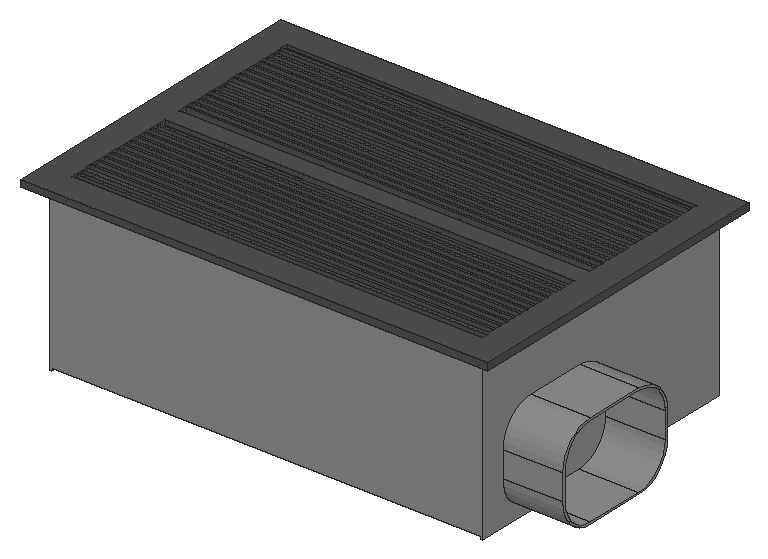
Revit family "Reece_Accessory_Kado_Lux_2 in 1 Heater and Exhaust Fan", category Mechanical Equipment, host Face, Revit 2018
Family settings
  Host = Face
  Round Connector Dimension = Use Diameter
  Classification = None
  Part Type = Normal
  Cut with Voids When Loaded = No
  Shared = Yes
  Room Calculation Point = Yes
Parameters (values of type "540 mm x 198 mm_Matte Black")
  URL = "https://www.reece.com.au/product/-2053941"
  Type Comments = "Accessory"
  Reece_Product_Web Page = "https://www.reece.com.au/product/-2053941"
  Reece_Product_Type = "Accessory"  # constant formula
  Reece_Product_Sub Brand = "Lux"  # constant formula
  Reece_Product_Number = "2053941"
  Reece_Product_Mount = "Ceiling Mounted"
  Reece_Product_Description = "Kado Lux 2 in 1 Fan Heater & Exhaust Matte Black"
  Reece_Product_Brand = "Kado"  # constant formula
  Reece_Overall_Width = 540 mm  # constant formula
  Reece_Overall_Length = 376 mm  # constant formula
  Reece_Overall_Height = 198 mm  # constant formula
  Reece_Mechanical_Max Airflow = 380 m³/h  # constant formula
  Reece_Mechanical_Duct_Diameter = 150 mm  # constant formula
  Reece_Material_Secondary = Reece_Metal_Galvanised
  Reece_Material-Main = Reece_Plastic_Black
  Reece_Installation_Minimum Depth = 192 mm  # constant formula
  Reece_Equipment_Weight = 7.20 kg  # constant formula
  Reece_Electrical_Voltage_Min = 220 V  # constant formula
  Reece_Electrical_Voltage_Max = 240 V  # constant formula
  Reece_Electrical_Voltage = 240 V  # constant formula
  Reece_Electrical_IP Rating = "IPX2"  # constant formula
  Reece_Electrical_Heat_Wattage_Min = 1100 W  # constant formula
  Reece_Electrical_Heat_Wattage_Max = 2000 W  # constant formula
  Reece_Electrical_Heat_Wattage = 2000 W  # constant formula
  Reece_Electrical_Heat_Fan Power_Wattage = 40 W  # constant formula
  Reece_Electrical_Frequency = 50 Hz  # constant formula
  Reece_Electrical_Fan Power_Wattage = 55 W  # constant formula
  Reece_Detail_Note = "Electrical input required. Refer to web page for further details."  # constant formula
  Reece_Detail_Installation = "2 in 1 Heater and Exhaust Fan"  # constant formula
  Reece_Detail_Disclaimer = "THIS FILE IS THE PROPERTY OF THE REECE GROUP. IT MAY NOT BE REPRODUCED, REVERSE-ENGINEERED OR MODIFIED. ANY REPUBLICATION, TRANSMISSION OR DISTRIBUTION FOR THE PURPOSE OF COMMERCIALLY EXPLOITING THE FILES IS PROHIBITED."  # constant formula
  Reece_Detail_Connector = "Hardwired"  # constant formula
  Reece_Ceiling_Cutout_Width = 528 mm  # constant formula
  Reece_Ceiling_Cutout_Length = 345 mm  # constant formula
  Model = "Lux"
  Manufacturer = "Kado"
  Keynote = "Product #2053941, Reece_Accessory_Kado_Lux_2 in 1 Heater and Exhaust Fan - 540 mm x 198 mm_Matte Black"
  Disclaimer = "THIS FILE IS THE PROPERTY OF THE REECE GROUP. IT MAY NOT BE REPRODUCED, REVERSE-ENGINEERED OR MODIFIED. ANY REPUBLICATION, TRANSMISSION OR DISTRIBUTION FOR THE PURPOSE OF COMMERCIALLY EXPLOITING THE FILES IS PROHIBITED."  # constant formula
  Description = "Kado Lux 2 in 1 Fan Heater & Exhaust Matte Black"
  Default Elevation = 0 mm
Types (3, lengths in mm): name | URL | Reece_Product_Web Page | Reece_Product_Number | Reece_Product_Description | Reece_Material-Main | Keynote | Description
  (no name) | "https://www.reece.com.au/product/-2053941" | "https://www.reece.com.au/product/-2053941" | "2053941" | "Kado Lux 2 in 1 Fan Heater & Exhaust Matte Black" | Reece_Plastic_Black | "Product #2053941, Reece_Accessory_Kado_Lux_2 in 1 Heater and Exhaust Fan -  " | "Kado Lux 2 in 1 Fan Heater & Exhaust Matte Black"
  540 mm x 198 mm_Matte Black | "https://www.reece.com.au/product/-2053941" | "https://www.reece.com.au/product/-2053941" | "2053941" | "Kado Lux 2 in 1 Fan Heater & Exhaust Matte Black" | Reece_Plastic_Black | "Product #2053941, Reece_Accessory_Kado_Lux_2 in 1 Heater and Exhaust Fan - 540 mm x 198 mm_Matte Black" | "Kado Lux 2 in 1 Fan Heater & Exhaust Matte Black"
  540 mm x 198 mm_Matte White | "https://www.reece.com.au/product/-2053940" | "https://www.reece.com.au/product/-2053940" | "2053940" | "Kado Lux 2 in 1 Fan Heater & Exhaust White" | Reece_Plastic_White | "Product #2053940, Reece_Accessory_Kado_Lux_2 in 1 Heater and Exhaust Fan - 540 mm x 198 mm_Matte White" | "Kado Lux 2 in 1 Fan Heater & Exhaust White"
Reference planes
  plane 1 "Center (Front/Back)": y = -71.125
  plane 2 "Ceiling": z = 0
  plane 3 "Center (Left/Right)": x = -5
  plane 4: y = 116.875
  plane 5: x = 265
  plane 6: x = -275
  plane 7: y = -259.125
  plane 8: y = 76.375
  plane 9: z = 8
  plane 10: z = -192
  plane 11: z = -190
  plane 12: y = 101.375
  plane 13: y = -243.625
  plane 14: x = -269
  plane 15: x = 259
Forms (mm)
  Sweep 1, solid, material "Reece_Plastic_Black" <- "Reece_Material-Main"
    path origin (0, 0, 8) x (1, 0, 0) y (0, 1, 0)
      loop
        line (-275, 116.875) -> (-275, -259.125) -> (265, -259.125) -> (265, 116.875) -> (-275, 116.875)
    profile origin (-275, -71.125, 8) x (1, 0, 0) y (0, 0, 1)
      loop
        line (0, -8) -> (3, -8) -> (3, -3) -> (33, -3) -> (33, 0) -> (0, 0) -> (0, -8)
  Extrusion 2, void
    sketch origin (0, 0, 0) x (1, 0, 0) y (0, 1, 0)
      loop
        line (-269, 101.375) -> (-269, -243.625) -> (259, -243.625) -> (259, 101.375) -> (-269, 101.375)
    from 0 to -200
  Extrusion 3, solid, material "Reece_Plastic_Black" <- "Reece_Material-Main"
    sketch origin (-5, 0.442, 8) x (0, 1, 0) y (0, 0, 1)
      loop
        line (-71.567, 0) -> (-92.567, 0) -> (-92.567, -8) -> (-71.567, -8) -> (-71.567, 0)
    from 237 to -237
  Extrusion 4, solid, material "Reece_Plastic_Black" <- "Reece_Material-Main"
    sketch origin (-5, -29.567, 8) x (0, 1, 0) y (0, 0, 1)
      loop
        line (-71.125, 0) -> (-73.625, 0) -> (-73.625, -8) -> (-71.125, -8) -> (-71.125, 0)
    from 237 to -237
  Extrusion 5, solid, material "Reece_Plastic_Black" <- "Reece_Material-Main"
    sketch origin (-5, -144.928, 8) x (0, 1, 0) y (0, 0, 1)
      loop
        line (-71.125, 0) -> (-73.625, 0) -> (-73.625, -8) -> (-71.125, -8) -> (-71.125, 0)
    from 237 to -237
  Extrusion 6, solid, material "Reece_Plastic_Black" <- "Reece_Material-Main"
    sketch origin (-5, -39.18, 8) x (0, 1, 0) y (0, 0, 1)
      loop
        line (-71.125, 0) -> (-73.625, 0) -> (-73.625, -8) -> (-71.125, -8) -> (-71.125, 0)
    from 237 to -237
  Extrusion 7, solid, material "Reece_Plastic_Black" <- "Reece_Material-Main"
    sketch origin (-5, -48.794, 8) x (0, 1, 0) y (0, 0, 1)
      loop
        line (-71.125, 0) -> (-73.625, 0) -> (-73.625, -8) -> (-71.125, -8) -> (-71.125, 0)
    from 237 to -237
  Extrusion 8, solid, material "Reece_Plastic_Black" <- "Reece_Material-Main"
    sketch origin (-5, -58.407, 8) x (0, 1, 0) y (0, 0, 1)
      loop
        line (-71.125, 0) -> (-73.625, 0) -> (-73.625, -8) -> (-71.125, -8) -> (-71.125, 0)
    from 237 to -237
  Extrusion 9, solid, material "Reece_Plastic_Black" <- "Reece_Material-Main"
    sketch origin (-5, -68.021, 8) x (0, 1, 0) y (0, 0, 1)
      loop
        line (-71.125, 0) -> (-73.625, 0) -> (-73.625, -8) -> (-71.125, -8) -> (-71.125, 0)
    from 237 to -237
  Extrusion 10, solid, material "Reece_Plastic_Black" <- "Reece_Material-Main"
    sketch origin (-5, -77.634, 8) x (0, 1, 0) y (0, 0, 1)
      loop
        line (-71.125, 0) -> (-73.625, 0) -> (-73.625, -8) -> (-71.125, -8) -> (-71.125, 0)
    from 237 to -237
  Extrusion 11, solid, material "Reece_Plastic_Black" <- "Reece_Material-Main"
    sketch origin (-5, -87.247, 8) x (0, 1, 0) y (0, 0, 1)
      loop
        line (-71.125, 0) -> (-73.625, 0) -> (-73.625, -8) -> (-71.125, -8) -> (-71.125, 0)
    from 237 to -237
  Extrusion 12, solid, material "Reece_Plastic_Black" <- "Reece_Material-Main"
    sketch origin (-5, -96.861, 8) x (0, 1, 0) y (0, 0, 1)
      loop
        line (-71.125, 0) -> (-73.625, 0) -> (-73.625, -8) -> (-71.125, -8) -> (-71.125, 0)
    from 237 to -237
  Extrusion 13, solid, material "Reece_Plastic_Black" <- "Reece_Material-Main"
    sketch origin (-5, -106.474, 8) x (0, 1, 0) y (0, 0, 1)
      loop
        line (-71.125, 0) -> (-73.625, 0) -> (-73.625, -8) -> (-71.125, -8) -> (-71.125, 0)
    from 237 to -237
  Extrusion 14, solid, material "Reece_Plastic_Black" <- "Reece_Material-Main"
    sketch origin (-5, -116.088, 8) x (0, 1, 0) y (0, 0, 1)
      loop
        line (-71.125, 0) -> (-73.625, 0) -> (-73.625, -8) -> (-71.125, -8) -> (-71.125, 0)
    from 237 to -237
  Extrusion 15, solid, material "Reece_Plastic_Black" <- "Reece_Material-Main"
    sketch origin (-5, -125.701, 8) x (0, 1, 0) y (0, 0, 1)
      loop
        line (-71.125, 0) -> (-73.625, 0) -> (-73.625, -8) -> (-71.125, -8) -> (-71.125, 0)
    from 237 to -237
  Extrusion 16, solid, material "Reece_Plastic_Black" <- "Reece_Material-Main"
    sketch origin (-5, -135.315, 8) x (0, 1, 0) y (0, 0, 1)
      loop
        line (-71.125, 0) -> (-73.625, 0) -> (-73.625, -8) -> (-71.125, -8) -> (-71.125, 0)
    from 237 to -237
  Extrusion 17, solid, material "Reece_Plastic_Black" <- "Reece_Material-Main"
    sketch origin (-7, 11.563, 8) x (0, 1, 0) y (0, 0, 1)
      loop
        line (-71.125, 0) -> (-73.625, 0) -> (-73.625, -8) -> (-71.125, -8) -> (-71.125, 0)
    from 239 to -235
  Extrusion 18, solid, material "Reece_Plastic_Black" <- "Reece_Material-Main"
    sketch origin (-7, 147.5, 8) x (0, 1, 0) y (0, 0, 1)
      loop
        line (-71.125, 0) -> (-73.625, 0) -> (-73.625, -8) -> (-71.125, -8) -> (-71.125, 0)
    from 239 to -235
  Extrusion 19, solid, material "Reece_Plastic_Black" <- "Reece_Material-Main"
    sketch origin (-7, 21.272, 8) x (0, 1, 0) y (0, 0, 1)
      loop
        line (-71.125, 0) -> (-73.625, 0) -> (-73.625, -8) -> (-71.125, -8) -> (-71.125, 0)
    from 239 to -235
  Extrusion 20, solid, material "Reece_Plastic_Black" <- "Reece_Material-Main"
    sketch origin (-7, 30.982, 8) x (0, 1, 0) y (0, 0, 1)
      loop
        line (-71.125, 0) -> (-73.625, 0) -> (-73.625, -8) -> (-71.125, -8) -> (-71.125, 0)
    from 239 to -235
  Extrusion 21, solid, material "Reece_Plastic_Black" <- "Reece_Material-Main"
    sketch origin (-7, 40.692, 8) x (0, 1, 0) y (0, 0, 1)
      loop
        line (-71.125, 0) -> (-73.625, 0) -> (-73.625, -8) -> (-71.125, -8) -> (-71.125, 0)
    from 239 to -235
  Extrusion 22, solid, material "Reece_Plastic_Black" <- "Reece_Material-Main"
    sketch origin (-7, 50.402, 8) x (0, 1, 0) y (0, 0, 1)
      loop
        line (-71.125, 0) -> (-73.625, 0) -> (-73.625, -8) -> (-71.125, -8) -> (-71.125, 0)
    from 239 to -235
  Extrusion 23, solid, material "Reece_Plastic_Black" <- "Reece_Material-Main"
    sketch origin (-7, 60.112, 8) x (0, 1, 0) y (0, 0, 1)
      loop
        line (-71.125, 0) -> (-73.625, 0) -> (-73.625, -8) -> (-71.125, -8) -> (-71.125, 0)
    from 239 to -235
  Extrusion 24, solid, material "Reece_Plastic_Black" <- "Reece_Material-Main"
    sketch origin (-7, 69.821, 8) x (0, 1, 0) y (0, 0, 1)
      loop
        line (-71.125, 0) -> (-73.625, 0) -> (-73.625, -8) -> (-71.125, -8) -> (-71.125, 0)
    from 239 to -235
  Extrusion 25, solid, material "Reece_Plastic_Black" <- "Reece_Material-Main"
    sketch origin (-7, 79.531, 8) x (0, 1, 0) y (0, 0, 1)
      loop
        line (-71.125, 0) -> (-73.625, 0) -> (-73.625, -8) -> (-71.125, -8) -> (-71.125, 0)
    from 239 to -235
  Extrusion 26, solid, material "Reece_Plastic_Black" <- "Reece_Material-Main"
    sketch origin (-7, 89.241, 8) x (0, 1, 0) y (0, 0, 1)
      loop
        line (-71.125, 0) -> (-73.625, 0) -> (-73.625, -8) -> (-71.125, -8) -> (-71.125, 0)
    from 239 to -235
  Extrusion 27, solid, material "Reece_Plastic_Black" <- "Reece_Material-Main"
    sketch origin (-7, 98.951, 8) x (0, 1, 0) y (0, 0, 1)
      loop
        line (-71.125, 0) -> (-73.625, 0) -> (-73.625, -8) -> (-71.125, -8) -> (-71.125, 0)
    from 239 to -235
  Extrusion 28, solid, material "Reece_Plastic_Black" <- "Reece_Material-Main"
    sketch origin (-7, 108.661, 8) x (0, 1, 0) y (0, 0, 1)
      loop
        line (-71.125, 0) -> (-73.625, 0) -> (-73.625, -8) -> (-71.125, -8) -> (-71.125, 0)
    from 239 to -235
  Extrusion 29, solid, material "Reece_Plastic_Black" <- "Reece_Material-Main"
    sketch origin (-7, 118.371, 8) x (0, 1, 0) y (0, 0, 1)
      loop
        line (-71.125, 0) -> (-73.625, 0) -> (-73.625, -8) -> (-71.125, -8) -> (-71.125, 0)
    from 239 to -235
  Extrusion 30, solid, material "Reece_Plastic_Black" <- "Reece_Material-Main"
    sketch origin (-7, 128.08, 8) x (0, 1, 0) y (0, 0, 1)
      loop
        line (-71.125, 0) -> (-73.625, 0) -> (-73.625, -8) -> (-71.125, -8) -> (-71.125, 0)
    from 239 to -235
  Extrusion 31, solid, material "Reece_Plastic_Black" <- "Reece_Material-Main"
    sketch origin (-7, 137.79, 8) x (0, 1, 0) y (0, 0, 1)
      loop
        line (-71.125, 0) -> (-73.625, 0) -> (-73.625, -8) -> (-71.125, -8) -> (-71.125, 0)
    from 239 to -235
  Extrusion 32, solid, material "Reece_Plastic_Black" <- "Reece_Material-Main"
    sketch origin (0, 0, 0) x (1, 0, 0) y (0, 1, 0)
      loop
        line (-242, -92.125) -> (-242, -226.125) -> (-83, -226.125) -> (-83, -92.125) -> (-242, -92.125)
      loop
        line (-233, -122.418) -> (-233, -216.053) -> (-167, -216.053) -> (-167, -122.418) -> (-233, -122.418)
      loop
        line (-98, -216.053) -> (-98, -122.418) -> (-164, -122.418) -> (-164, -216.053) -> (-98, -216.053)
      loop
        line (76, -226.125) -> (76, -92.125) -> (73, -92.125) -> (73, -226.125) -> (76, -226.125)
      loop
        line (76, -71.125) -> (76, 83.875) -> (73, 83.875) -> (73, -71.125) -> (76, -71.125)
      loop
        line (-83, -71.125) -> (-83, 83.875) -> (-86, 83.875) -> (-86, -71.125) -> (-83, -71.125)
    from 0 to 3
Cuts and joins
  joined: Sweep 1, Extrusion 3, Extrusion 4, Extrusion 5, Extrusion 6, Extrusion 7, Extrusion 8, Extrusion 9, Extrusion 10, Extrusion 11, Extrusion 12, Extrusion 13, Extrusion 14, Extrusion 15, Extrusion 16, Extrusion 17, Extrusion 18, Extrusion 19, Extrusion 20, Extrusion 21, Extrusion 22, Extrusion 23, Extrusion 24, Extrusion 25, Extrusion 26, Extrusion 27, Extrusion 28, Extrusion 29, Extrusion 30, Extrusion 31, Extrusion 32
Text (mm)
  text "Reece Copyright © 2018, Reece Ltd." at (196.569, -654.902, 0), in view "Ref. Level"
  text "Reece ©" at (78.306, 240.076, 139.55), in view "Reece Preview"
Dimensions and locks
  equal spacing: plane 6, plane 3 "Center (Left/Right)", plane 5
  equal spacing: plane 4, plane 1 "Center (Front/Back)", plane 7
  "Reece_Overall_Width": plane 6 to plane 5
  "Reece_Overall_Length": plane 4 to plane 7
  locked: plane 9 to host face at 8
  "Reece_Installation_Minimum Depth": level to plane 10
  "Reece_Overall_Height": plane 9 to plane 11
  equal spacing: plane 12, plane 1 "Center (Front/Back)", plane 13
  "Reece_Ceiling_Cutout_Length": plane 12 to plane 13
  "Reece_Ceiling_Cutout_Width": plane 14 to plane 15
  equal spacing: plane 14, plane 3 "Center (Left/Right)", plane 15
  aligned and locked: plane 2 "Ceiling" to host face
  aligned and locked: level to host face
  aligned and locked: plane 6 to Sweep 1 sketch curve
  aligned and locked: Sweep 1 sketch curve to plane 4
  aligned and locked: Sweep 1 sketch curve to plane 5
  aligned and locked: Sweep 1 sketch curve to plane 7
Automatic sketch dimensions
  host sketch curve to host sketch curve = 696.216 mm
  host sketch curve to host sketch curve = 618.927 mm
  profile plane to Sweep 1 sketch curve = 0 mm
  Sweep 1 sketch curve to profile plane = 0 mm
  Sweep 1 sketch curve to profile plane = 3 mm  (x2)
  Sweep 1 sketch curve to Sweep 1 sketch curve = 30 mm
  Sweep 1 sketch curve to Sweep 1 sketch curve = 5 mm
  Extrusion 2 sketch curve to plane 6 = 6 mm
  Extrusion 2 sketch curve to plane 5 = 6 mm
  Extrusion 2 sketch curve to plane 7 = 15.5 mm
  Extrusion 2 sketch curve to plane 4 = 15.5 mm
  level to Extrusion 3 sketch curve = 8 mm
  plane 1 "Center (Front/Back)" to Extrusion 3 sketch curve = 21 mm
  Extrusion 3 sketch curve to plane 1 "Center (Front/Back)" = 0 mm
  Extrusion 3 sketch curve to level = 0 mm
  Extrusion 4 sketch curve to Extrusion 4 sketch curve = 2.5 mm
  Extrusion 4 sketch curve to Extrusion 4 sketch curve = 8 mm
  Extrusion 5 sketch curve to Extrusion 5 sketch curve = 2.5 mm
  Extrusion 5 sketch curve to Extrusion 5 sketch curve = 8 mm
  Extrusion 6 sketch curve to Extrusion 6 sketch curve = 2.5 mm
  Extrusion 6 sketch curve to Extrusion 6 sketch curve = 8 mm
  Extrusion 7 sketch curve to Extrusion 7 sketch curve = 2.5 mm
  Extrusion 7 sketch curve to Extrusion 7 sketch curve = 8 mm
  Extrusion 8 sketch curve to Extrusion 8 sketch curve = 2.5 mm
  Extrusion 8 sketch curve to Extrusion 8 sketch curve = 8 mm
  Extrusion 9 sketch curve to Extrusion 9 sketch curve = 2.5 mm
  Extrusion 9 sketch curve to Extrusion 9 sketch curve = 8 mm
  Extrusion 10 sketch curve to Extrusion 10 sketch curve = 2.5 mm
  Extrusion 10 sketch curve to Extrusion 10 sketch curve = 8 mm
  Extrusion 11 sketch curve to Extrusion 11 sketch curve = 2.5 mm
  Extrusion 11 sketch curve to Extrusion 11 sketch curve = 8 mm
  Extrusion 12 sketch curve to Extrusion 12 sketch curve = 2.5 mm
  Extrusion 12 sketch curve to Extrusion 12 sketch curve = 8 mm
  Extrusion 13 sketch curve to Extrusion 13 sketch curve = 2.5 mm
  Extrusion 13 sketch curve to Extrusion 13 sketch curve = 8 mm
  Extrusion 14 sketch curve to Extrusion 14 sketch curve = 2.5 mm
  Extrusion 14 sketch curve to Extrusion 14 sketch curve = 8 mm
  Extrusion 15 sketch curve to Extrusion 15 sketch curve = 2.5 mm
  Extrusion 15 sketch curve to Extrusion 15 sketch curve = 8 mm
  Extrusion 16 sketch curve to Extrusion 16 sketch curve = 2.5 mm
  Extrusion 16 sketch curve to Extrusion 16 sketch curve = 8 mm
  level to Extrusion 4 sketch curve = 8 mm
  plane 1 "Center (Front/Back)" to Extrusion 4 sketch curve = 32.067 mm
  level to Extrusion 5 sketch curve = 8 mm
  Extrusion 5 sketch curve to plane 7 = 40.572 mm
  level to Extrusion 6 sketch curve = 8 mm
  plane 1 "Center (Front/Back)" to Extrusion 6 sketch curve = 41.68 mm
  level to Extrusion 7 sketch curve = 8 mm
  plane 1 "Center (Front/Back)" to Extrusion 7 sketch curve = 51.294 mm
  level to Extrusion 8 sketch curve = 8 mm
  plane 1 "Center (Front/Back)" to Extrusion 8 sketch curve = 60.907 mm
  level to Extrusion 9 sketch curve = 8 mm
  plane 1 "Center (Front/Back)" to Extrusion 9 sketch curve = 70.521 mm
  level to Extrusion 10 sketch curve = 8 mm
  plane 1 "Center (Front/Back)" to Extrusion 10 sketch curve = 80.134 mm
  level to Extrusion 11 sketch curve = 8 mm
  plane 1 "Center (Front/Back)" to Extrusion 11 sketch curve = 89.747 mm
  level to Extrusion 12 sketch curve = 8 mm
  Extrusion 12 sketch curve to plane 7 = 88.639 mm
  level to Extrusion 13 sketch curve = 8 mm
  Extrusion 13 sketch curve to plane 7 = 79.026 mm
  level to Extrusion 14 sketch curve = 8 mm
  Extrusion 14 sketch curve to plane 7 = 69.412 mm
  level to Extrusion 15 sketch curve = 8 mm
  Extrusion 15 sketch curve to plane 7 = 59.799 mm
  level to Extrusion 16 sketch curve = 8 mm
  Extrusion 16 sketch curve to plane 7 = 50.185 mm
  Extrusion 17 sketch curve to Extrusion 17 sketch curve = 2.5 mm
  Extrusion 17 sketch curve to Extrusion 17 sketch curve = 8 mm
  Extrusion 18 sketch curve to Extrusion 18 sketch curve = 2.5 mm
  Extrusion 18 sketch curve to Extrusion 18 sketch curve = 8 mm
  Extrusion 19 sketch curve to Extrusion 19 sketch curve = 2.5 mm
  Extrusion 19 sketch curve to Extrusion 19 sketch curve = 8 mm
  Extrusion 20 sketch curve to Extrusion 20 sketch curve = 2.5 mm
  Extrusion 20 sketch curve to Extrusion 20 sketch curve = 8 mm
  Extrusion 21 sketch curve to Extrusion 21 sketch curve = 2.5 mm
  Extrusion 21 sketch curve to Extrusion 21 sketch curve = 8 mm
  Extrusion 22 sketch curve to Extrusion 22 sketch curve = 2.5 mm
  Extrusion 22 sketch curve to Extrusion 22 sketch curve = 8 mm
  Extrusion 23 sketch curve to Extrusion 23 sketch curve = 2.5 mm
  Extrusion 23 sketch curve to Extrusion 23 sketch curve = 8 mm
  Extrusion 24 sketch curve to Extrusion 24 sketch curve = 2.5 mm
  Extrusion 24 sketch curve to Extrusion 24 sketch curve = 8 mm
  Extrusion 25 sketch curve to Extrusion 25 sketch curve = 2.5 mm
  Extrusion 25 sketch curve to Extrusion 25 sketch curve = 8 mm
  Extrusion 26 sketch curve to Extrusion 26 sketch curve = 2.5 mm
  Extrusion 26 sketch curve to Extrusion 26 sketch curve = 8 mm
  Extrusion 27 sketch curve to Extrusion 27 sketch curve = 2.5 mm
  Extrusion 27 sketch curve to Extrusion 27 sketch curve = 8 mm
  Extrusion 28 sketch curve to Extrusion 28 sketch curve = 2.5 mm
  Extrusion 28 sketch curve to Extrusion 28 sketch curve = 8 mm
  Extrusion 29 sketch curve to Extrusion 29 sketch curve = 2.5 mm
  Extrusion 29 sketch curve to Extrusion 29 sketch curve = 8 mm
  Extrusion 30 sketch curve to Extrusion 30 sketch curve = 2.5 mm
  Extrusion 30 sketch curve to Extrusion 30 sketch curve = 8 mm
  Extrusion 31 sketch curve to Extrusion 31 sketch curve = 2.5 mm
  Extrusion 31 sketch curve to Extrusion 31 sketch curve = 8 mm
  level to Extrusion 17 sketch curve = 8 mm
  Extrusion 17 sketch curve to plane 1 "Center (Front/Back)" = 9.063 mm
  level to Extrusion 18 sketch curve = 8 mm
  Extrusion 18 sketch curve to plane 8 = 0 mm
  level to Extrusion 19 sketch curve = 8 mm
  Extrusion 19 sketch curve to plane 1 "Center (Front/Back)" = 18.772 mm
  level to Extrusion 20 sketch curve = 8 mm
  Extrusion 20 sketch curve to plane 1 "Center (Front/Back)" = 28.482 mm
  level to Extrusion 21 sketch curve = 8 mm
  Extrusion 21 sketch curve to plane 1 "Center (Front/Back)" = 38.192 mm
  level to Extrusion 22 sketch curve = 8 mm
  Extrusion 22 sketch curve to plane 1 "Center (Front/Back)" = 47.902 mm
  level to Extrusion 23 sketch curve = 8 mm
  Extrusion 23 sketch curve to plane 1 "Center (Front/Back)" = 57.612 mm
  level to Extrusion 24 sketch curve = 8 mm
  Extrusion 24 sketch curve to plane 1 "Center (Front/Back)" = 67.321 mm
  level to Extrusion 25 sketch curve = 8 mm
  Extrusion 25 sketch curve to plane 8 = 70.469 mm
  level to Extrusion 26 sketch curve = 8 mm
  Extrusion 26 sketch curve to plane 8 = 60.759 mm
  level to Extrusion 27 sketch curve = 8 mm
  Extrusion 27 sketch curve to plane 8 = 51.049 mm
  level to Extrusion 28 sketch curve = 8 mm
  Extrusion 28 sketch curve to plane 8 = 41.339 mm
  level to Extrusion 29 sketch curve = 8 mm
  Extrusion 29 sketch curve to plane 8 = 31.629 mm
  level to Extrusion 30 sketch curve = 8 mm
  Extrusion 30 sketch curve to plane 8 = 21.92 mm
  level to Extrusion 31 sketch curve = 8 mm
  Extrusion 31 sketch curve to plane 8 = 12.21 mm
  plane 1 "Center (Front/Back)" to Extrusion 32 sketch curve = 0 mm  (x2)
  Extrusion 32 sketch curve to plane 14 = 27 mm
  Extrusion 32 sketch curve to Extrusion 32 sketch curve = 9 mm
  Extrusion 32 sketch curve to Extrusion 32 sketch curve = 66 mm  (x2)
  Extrusion 32 sketch curve to Extrusion 32 sketch curve = 3 mm  (x5)
  Extrusion 32 sketch curve to plane 13 = 27.572 mm
  plane 8 to Extrusion 32 sketch curve = 7.5 mm  (x2)
  Extrusion 32 sketch curve to plane 3 "Center (Left/Right)" = 81 mm
  plane 3 "Center (Left/Right)" to Extrusion 32 sketch curve = 78 mm  (x2)
  Extrusion 32 sketch curve to plane 13 = 17.5 mm  (x2)
  Extrusion 32 sketch curve to Extrusion 32 sketch curve = 0 mm  (x2)
  plane 1 "Center (Front/Back)" to Extrusion 32 sketch curve = 51.294 mm
  plane 1 "Center (Front/Back)" to Extrusion 32 sketch curve = 21 mm  (x2)
Nested families
  nested 1: "Reece_Accessory_Kado_Lux_Heater and Exhaust Fan" at (-7.5, 3, 0), Reece_Material_Secondary <- "Reece_Material_Secondary", type "Reece_Accessory_Kado_Lux_Heater and Exhaust Fan"
    with Reece_Material_Secondary Reece_Metal_Galvanised
Connectors
  electrical at (-5.023, -71.125, -187), driven by "Reece_Electrical_Voltage"
    settings: on nested 1, index 2, voltage 240 V, apparent load 0 VA, apparent load phase1 0 VA, apparent load phase2 0 VA, apparent load phase3 0 VA, power factor 1, load classification "HVAC", number of poles 1, system type 30, power factor state 1, is connector primary yes, connector utility no, sub classification motor no, connector description ""
  hvac at (245, -138.125, -124.005), driven by "Reece_Mechanical_Max Airflow", driven by "Reece_Mechanical_Duct_Diameter"
    settings: on nested 1, index 3, duct flow 380 m³/h, flow factor 0, pres drop 0.0 Pa, loss coef 0, conn angle 0.00°, conn width 170 mm, conn height 120 mm, conn diameter 150 mm, duct sys type 3, conn prof type 0, flow config 1, flow direction 2, loss method 0, conn ref index -1, conn util no, is conn primary yes, conn desc ""
Definition of nested family "Reece_Accessory_Kado_Lux_Heater and Exhaust Fan"
  Parameters (values of type "Reece_Accessory_Kado_Lux_Heater and Exhaust Fan")
    URL = ""
    Type Comments = ""
    Reece_Material_Secondary [instance] = none
    Model = ""
    Manufacturer = ""
    Keynote = ""
    Description = ""
    Default Elevation = 0 mm
    Cost = 0
    Assembly Code = ""
  Reference planes
    plane 1 "Center (Front/Back)": y = -74.125
    plane 2: z = 0
    plane 3 "Center (Left/Right)": x = 2.5
    plane 4: y = 95.875
    plane 5: x = 252.5
    plane 6: x = -247.5
    plane 7: y = -244.125
    plane 8: x = 272.5
    plane 9: x = -267.5
    plane 10: y = 113.875
    plane 11: y = -262.125
    plane 12: z = -192
    plane 13: y = -219.125
  Forms (mm)
    Extrusion 1, solid, material <- "Reece_Material_Secondary"
      sketch origin (619.2, -619.2, 0) x (1, 0, 0) y (0, 1, 0)
        loop
          line (-961.127, 847.842) -> (-961.127, 228.915) -> (-264.911, 228.915) -> (-264.911, 847.842) -> (-961.127, 847.842)
      from 0 to -10
    Extrusion 2, solid, material <- "Reece_Material_Secondary"
      sketch origin (2.5, 0, 8) x (0, 1, 0) y (0, 0, 1)
        loop
          line (95.875, -8) -> (-244.125, -8) -> (-244.125, -198) -> (95.875, -198) -> (95.875, -8)
      from 250 to -250
    Extrusion 3, void
      sketch origin (0, -74.125, 8) x (1, 0, 0) y (0, 0, 1)
        loop
          line (248.681, -195) -> (-243.727, -195)
          arc (-243.727, -195) -> (-244.16, -195.135) -> (-244.441, -195.491) r 0.765
          line (-244.441, -195.491) -> (-245.404, -198) -> (250.404, -198) -> (249.458, -195.534)
          arc (249.458, -195.534) -> (249.152, -195.146) -> (248.681, -195) r 0.832
      from 170 to -170
    Extrusion 4, void
      sketch origin (5, 0, 0) x (-1, 0, 0) y (0, -1, 0)
        loop
          line (95.5, 107.125) -> (230.5, 107.125) -> (230.5, 219.125) -> (95.5, 219.125) -> (95.5, 107.125)
        loop
          line (80.5, 94.125) -> (80.5, 234.125) -> (-237.5, 234.125) -> (-237.5, 94.125) -> (80.5, 94.125)
        loop
          line (-237.5, 74.125) -> (-237.5, -85.875) -> (242.5, -85.875) -> (242.5, 74.125) -> (-237.5, 74.125)
      from 0 to -160
    Revolve 5, solid, material <- "Reece_Material_Secondary"
      sketch origin (-91.756, -59.57, -190.111) x (0, 0, 1) y (-1, 0, 0)
        loop
          line (4.124, -163.984) -> (4.124, -161.548) -> (1.732, -161.548)
          arc (1.732, -161.548) -> (0.534, -162.745) -> (1.732, -163.943) r 1.198
          line (1.732, -163.943) -> (1.732, -164.771)
          arc (1.732, -164.771) -> (0.586, -165.246) -> (0.111, -166.392) r 1.621
          line (0.111, -166.392) -> (0.111, -181.139)
          arc (0.111, -181.139) -> (0.701, -182.562) -> (2.124, -183.152) r 2.013
          line (2.124, -183.152) -> (4.124, -183.152) -> (4.124, -163.984)
        loop
          arc (3.122, -186.387) -> (2.244, -186.667) -> (1.689, -187.403) r 1.519
          arc (1.689, -187.403) -> (0.277, -193.623) -> (0.312, -200) r 27.945
          line (0.312, -200) -> (4.124, -200) -> (4.124, -186.387) -> (3.122, -186.387)
        axis (0.111, -200) -> (4.124, -200)
      angle from 0 to 360
    Revolve 6, solid, material <- "Reece_Material_Secondary"
      sketch origin (-309.206, -131.815, -190.259) x (0, 0, 1) y (-1, 0, 0)
        loop
          line (4.419, -163.984) -> (4.419, -161.548) -> (1.88, -161.548)
          arc (1.88, -161.548) -> (0.682, -162.745) -> (1.88, -163.943) r 1.198
          line (1.88, -163.943) -> (1.88, -164.771)
          arc (1.88, -164.771) -> (0.734, -165.246) -> (0.259, -166.392) r 1.621
          line (0.259, -166.392) -> (0.259, -181.139)
          arc (0.259, -181.139) -> (0.848, -182.562) -> (2.271, -183.152) r 2.013
          line (2.271, -183.152) -> (4.419, -183.152) -> (4.419, -163.984)
        loop
          arc (3.27, -186.387) -> (2.391, -186.667) -> (1.836, -187.403) r 1.519
          arc (1.836, -187.403) -> (0.424, -193.623) -> (0.459, -200) r 27.945
          line (0.459, -200) -> (4.419, -200) -> (4.419, -186.387) -> (3.27, -186.387)
        axis (0.259, -200) -> (4.419, -200)
      angle from 0 to 360
    Sweep 7, solid, material <- "Reece_Material_Secondary"
      path origin (252.5, -126.089, -25.975) x (0, 1, 0) y (0, 0, 1)
        loop
          arc (-50.036, -43.03) -> (-78.32, -54.745) -> (-90.036, -83.03) r 40
          line (-90.036, -83.03) -> (-90.036, -113.03)
          arc (-90.036, -113.03) -> (-78.32, -141.314) -> (-50.036, -153.03) r 40
          line (-50.036, -153.03) -> (19.964, -153.03)
          arc (19.964, -153.03) -> (48.249, -141.314) -> (59.964, -113.03) r 40
          line (59.964, -113.03) -> (59.964, -83.03)
          arc (59.964, -83.03) -> (48.249, -54.745) -> (19.964, -43.03) r 40
          line (19.964, -43.03) -> (-50.036, -43.03)
      profile origin (252.5, -141.125, -69.005) x (0, 0, 1) y (1, 0, 0)
        loop
          line (0, 0) -> (0, 70) -> (-2, 70) -> (-2, 0) -> (0, 0)
  Cuts and joins
    Extrusion 3, Extrusion 4 cuts Extrusion 2
    joined: Extrusion 2, Revolve 5, Revolve 6
  Text (mm)
    text "Reece Copyright © 2018, Reece Ltd." at (-1108.834, -679.227, 0), in view "Ref. Level"
    text "Reece ©" at (78.306, 240.076, 139.55), in view "Reece Preview"
  Dimensions and locks
    equal spacing: plane 6, plane 3 "Center (Left/Right)", plane 5
    plane 9 to plane 6 to plane 5 to plane 8 = 20 mm, 500 mm, 20 mm
    plane 10 to plane 4 to plane 7 to plane 11 = 18 mm, 340 mm, 18 mm
    equal spacing: plane 4, plane 1 "Center (Front/Back)", plane 7
    plane 6 to plane 5 = 500 mm
    plane 7 to plane 4 = 340 mm
    plane 4 to plane 7 = 340 mm
    level to plane 12 = 192 mm
    plane 11 to plane 10 = 376 mm
    plane 9 to plane 8 = 540 mm
    aligned and locked: plane 2 to Extrusion 1
    aligned and locked: level to Extrusion 1
  Automatic sketch dimensions
    Extrusion 1 sketch curve to Extrusion 1 sketch curve = 696.216 mm
    Extrusion 1 sketch curve to Extrusion 1 sketch curve = 618.927 mm
    Extrusion 2 sketch curve to plane 7 = 0 mm
    Extrusion 2 sketch curve to plane 4 = 0 mm
    Extrusion 3 sketch curve to plane 6 = 2.096 mm
    Extrusion 3 sketch curve to Extrusion 3 sketch curve = 0.963 mm
    Extrusion 3 sketch curve to Extrusion 3 sketch curve = 0.715 mm
    Extrusion 3 sketch curve to plane 5 = 3.819 mm
    Extrusion 3 sketch curve to Extrusion 3 sketch curve = 0.777 mm
    Extrusion 3 sketch curve to plane 5 = 2.096 mm
    Extrusion 3 sketch curve to Extrusion 3 sketch curve = 0.298 mm
    Revolve 5 sketch curve to Revolve 5 sketch curve = 2 mm
    Revolve 5 sketch curve to Revolve 5 sketch curve = 1.002 mm
    Revolve 5 sketch curve to Revolve 5 sketch curve = 23.933 mm
    plane 3 "Center (Left/Right)" to Revolve 5 sketch curve = 105.744 mm
    Revolve 5 sketch curve to Revolve 5 sketch curve = 3.341 mm  (x2)
    Revolve 5 sketch curve to Revolve 5 sketch curve = 12.093 mm
    Revolve 5 sketch curve to Revolve 5 sketch curve = 1.519 mm
    Revolve 5 sketch curve to Revolve 5 sketch curve = 3.235 mm
    Revolve 5 sketch curve to Revolve 5 sketch curve = 14.747 mm
    Revolve 5 sketch curve to Revolve 5 sketch curve = 0.787 mm
    Revolve 5 sketch curve to Revolve 5 sketch curve = 0.828 mm
    Revolve 5 sketch curve to Revolve 5 sketch curve = 1.198 mm
    Revolve 5 sketch curve to Revolve 5 sketch curve = 2.043 mm
    Revolve 6 sketch curve to Revolve 6 sketch curve = 2.148 mm
    Revolve 6 sketch curve to Revolve 6 sketch curve = 1.149 mm
    Revolve 6 sketch curve to Revolve 6 sketch curve = 23.785 mm
    Revolve 6 sketch curve to plane 3 "Center (Left/Right)" = 111.706 mm
    Revolve 6 sketch curve to Revolve 6 sketch curve = 3.341 mm  (x2)
    Revolve 6 sketch curve to Revolve 6 sketch curve = 12.093 mm
    Revolve 6 sketch curve to Revolve 6 sketch curve = 1.519 mm
    Revolve 6 sketch curve to Revolve 6 sketch curve = 3.235 mm
    Revolve 6 sketch curve to Revolve 6 sketch curve = 14.747 mm
    Revolve 6 sketch curve to Revolve 6 sketch curve = 0.787 mm
    Revolve 6 sketch curve to Revolve 6 sketch curve = 0.828 mm
    Revolve 6 sketch curve to Revolve 6 sketch curve = 1.198 mm
    Revolve 6 sketch curve to Revolve 6 sketch curve = 1.896 mm
    Extrusion 2 sketch curve to level = 0 mm
    plane 1 "Center (Front/Back)" to Extrusion 4 sketch curve = 0 mm
    plane 5 to Extrusion 4 sketch curve = 10 mm  (x2)
    Extrusion 4 sketch curve to plane 1 "Center (Front/Back)" = 20 mm
    plane 3 "Center (Left/Right)" to Extrusion 4 sketch curve = 78 mm
    Extrusion 4 sketch curve to Extrusion 4 sketch curve = 15 mm
    plane 6 to Extrusion 4 sketch curve = 22 mm
    plane 6 to Extrusion 4 sketch curve = 10 mm
    Extrusion 4 sketch curve to plane 1 "Center (Front/Back)" = 33 mm
    plane 7 to Extrusion 4 sketch curve = 25 mm
    plane 7 to Extrusion 4 sketch curve = 10 mm
    plane 4 to Extrusion 4 sketch curve = 10 mm
    Sweep 7 sketch curve to Extrusion 2 = 28 mm
    Sweep 7 sketch curve to Sweep 7 sketch curve = 40 mm
    Sweep 7 sketch curve to Sweep 7 sketch curve = 0 mm  (x2)
    Sweep 7 sketch curve to Sweep 7 sketch curve = 70 mm  (x2)
    Sweep 7 sketch curve to Extrusion 2 = 162 mm
    Sweep 7 sketch curve to Extrusion 2 = 10.995 mm
    Sweep 7 sketch curve to Sweep 7 sketch curve = 30 mm
    Sweep 7 sketch curve to profile plane = 0 mm  (x2)
    profile plane to Sweep 7 sketch curve = 2 mm
    Extrusion 3 sketch curve to level = 190 mm
    Extrusion 3 sketch curve to Extrusion 3 sketch curve = 2.168 mm
    Extrusion 3 sketch curve to Extrusion 3 sketch curve = 0.765 mm
    plane 3 "Center (Left/Right)" to Revolve 5 sketch curve = 86.883 mm
    Revolve 5 sketch curve to level = 190 mm
    Revolve 5 sketch curve to Revolve 5 sketch curve = 1.812 mm
    Revolve 5 sketch curve to Revolve 5 sketch curve = 1.621 mm
    Revolve 5 sketch curve to Revolve 5 sketch curve = 0.998 mm
    Revolve 5 sketch curve to Revolve 5 sketch curve = 20.212 mm
    Revolve 6 sketch curve to plane 6 = 119.433 mm
    Revolve 6 sketch curve to level = 190 mm
    Revolve 6 sketch curve to Revolve 6 sketch curve = 1.812 mm
    Revolve 6 sketch curve to Revolve 6 sketch curve = 1.621 mm
    Revolve 6 sketch curve to Revolve 6 sketch curve = 0.998 mm
    Revolve 6 sketch curve to Revolve 6 sketch curve = 20.359 mm
    plane 12 to Extrusion 2 sketch curve = 2 mm
